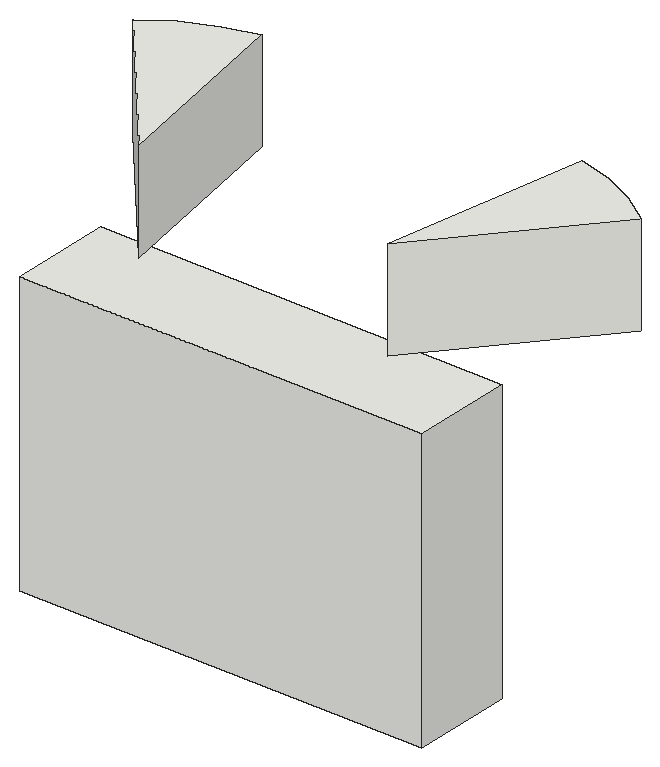
Revit family
Parameters (values of type "100 watt Incandescent")
  Wattage = 12.1178 W
  built-in parameter 1150110 = 1 (stored number, unit not read)
  built-in parameter 1114217 = 1 (stored number, unit not read)
  built-in parameter 1150109 = 1 (stored number, unit not read)
  built-in parameter 1150134 = 3
  built-in parameter 1150113 = 1 (stored number, unit not read)
  Material Light Casing = Metal - Paint Finish - Ivory,Glossy
  built-in parameter 1150105 = 143.24 (stored number, unit not read)
  Lumens = 1800 lm
  Mounting Height = 2100 mm
  Wattage Comments = "100"
  built-in parameter 1150115 = 1 (stored number, unit not read)
  Light Source Symbol Size = 609.6 mm
  built-in parameter 1150137 = (empty or 0)
  built-in parameter 1150139 = (empty or 0)
  built-in parameter 1150112 = 1 (stored number, unit not read)
  built-in parameter 1150114 = 1 (stored number, unit not read)
  Keynote = "V"
  built-in parameter 1150132 = 2
  built-in parameter 1150102 = (empty or 0)
  built-in parameter 1150107 = 3200 (stored number, unit not read)
  built-in parameter 1150138 = (empty or 0)
  built-in parameter 1150106 = 1.4324 (stored number, unit not read)
  built-in parameter 1150104 = 13.8 (stored number, unit not read)
  Dimming Lamp Color Temperature Shift = (empty or 0)
  Color Filter = 16777215
  built-in parameter 1114218 = 1 (stored number, unit not read)
  built-in parameter 1150133 = 10 (stored number, unit not read)
Reference planes
  plane 1: y = 0
  plane 2 "Light Source Axis": x = 0
  plane 3 "Light Source Elevation": z = 2100
  plane 4 "Light Source Axis": y = 168.564
  plane 5: y = 105.064
Forms (mm)
  Extrusion 1, solid, material "Metal - Paint Finish - Ivory,Glossy" <- "Material Light Casing"
    sketch origin (-2119.016, 105.064, 0) x (-1, 0, 0) y (0, 0, 1)
      loop
        line (-2246.016, 2011.1) -> (-1992.016, 2011.1) -> (-1992.016, 2188.9) -> (-2246.016, 2188.9) -> (-2246.016, 2011.1)
    from 0 to 63.5
  Extrusion 2, solid, material "Metal - Paint Finish - Ivory,Glossy" <- "Material Light Casing"
    sketch origin (-127, 168.564, 2188.9) x (0, -1, 0) y (1, 0, 0)
      loop
        line (-67.276, -33.589) -> (30.011, 48.045) -> (-95.059, 25.992)
        arc (-95.059, 25.992) -> (-85.09, -5.627) -> (-67.276, -33.589) r 127
      loop
        line (-95.059, 228.008) -> (30.011, 205.955) -> (-67.276, 287.589)
        arc (-67.276, 287.589) -> (-85.09, 259.627) -> (-95.059, 228.008) r 127
    from 12.7 to 76.2
Lines and regions (mm)
  symbolic lines
    curve 1: line (-127, 105.064, 0) -> (127, 105.064, 0)
    curve 2: line (-127, 105.064, 0) -> (-127, 168.564, 0)
    curve 3: line (-127, 168.564, 0) -> (127, 168.564, 0)
    curve 4: line (127, 105.064, 0) -> (127, 168.564, 0)
    curve 5: line (127, 168.564, 0) -> (113.768, 243.606, 0)
    curve 6: line (127, 168.564, 0) -> (175.98, 226.936, 0)
    curve 7: line (175.98, 226.936, 0) -> (113.768, 243.606, 0)
    curve 8: line (-127, 168.564, 0) -> (-175.98, 226.936, 0)
    curve 9: line (-127, 168.564, 0) -> (-113.768, 243.606, 0)
    curve 10: line (-113.768, 243.606, 0) -> (-175.98, 226.936, 0)
    curve 11: line (-127, 105.064, 0) -> (127, 168.564, 0)
Text (mm)
  text "Front" at (0, 1019.848, 3124.603), in view "Right"
  text "Front" at (-639.634, 723.012, 0), in view "Floor Line"
  text "Front" at (0, 893.312, 2794.176), in view "Left"
Dimensions and locks
  locked: host wall to plane 4 "Light Source Axis" at 63.5
  "Mounting Height": level to plane 3 "Light Source Elevation"
  locked: Extrusion 1 to Extrusion 2 sketch curve at 33.489  (x2)
  aligned and locked: plane 5 to host wall
  aligned and locked: plane 5 to curve 1
  aligned and locked: plane 2 "Light Source Axis" to imposter light
  aligned and locked: plane 4 "Light Source Axis" to imposter light
  aligned and locked: plane 3 "Light Source Elevation" to imposter light
Automatic sketch dimensions
  plane 2 "Light Source Axis" to Extrusion 1 sketch curve = 127 mm
  Extrusion 1 sketch curve to plane 2 "Light Source Axis" = 127 mm
  plane 3 "Light Source Elevation" to Extrusion 1 sketch curve = 88.9 mm
  Extrusion 1 sketch curve to plane 3 "Light Source Elevation" = 88.9 mm
  Extrusion 2 sketch curve to plane 4 "Light Source Axis" = 95.059 mm  (x2)
  Extrusion 2 sketch curve to Extrusion 2 sketch curve = 27.783 mm  (x2)
  Extrusion 2 sketch curve to Extrusion 2 sketch curve = 0 mm  (x4)
  Extrusion 2 sketch curve to plane 2 "Light Source Axis" = 160.589 mm
  Extrusion 2 sketch curve to Extrusion 2 sketch curve = 59.581 mm
  plane 2 "Light Source Axis" to Extrusion 2 sketch curve = 78.955 mm
  plane 2 "Light Source Axis" to Extrusion 2 sketch curve = 101.008 mm
  curve 2 to plane 4 "Light Source Axis" = 0 mm
  curve 11 to host wall = 0 mm
  curve 11 to plane 4 "Light Source Axis" = 0 mm
  curve 10 to plane 4 "Light Source Axis" = 58.373 mm
  curve 10 to plane 2 "Light Source Axis" = 175.98 mm
  curve 8 to curve 2 = 48.98 mm
  curve 11 to curve 1 = 0 mm
  curve 8 to curve 10 = 62.212 mm
  plane 2 "Light Source Axis" to curve 5 = 113.768 mm
  curve 5 to curve 5 = 13.232 mm
  curve 11 to curve 3 = 0 mm
  curve 7 to plane 4 "Light Source Axis" = 58.373 mm
  curve 5 to curve 7 = 62.212 mm
  curve 8 to curve 10 = 16.67 mm
  curve 6 to curve 7 = 16.67 mm
